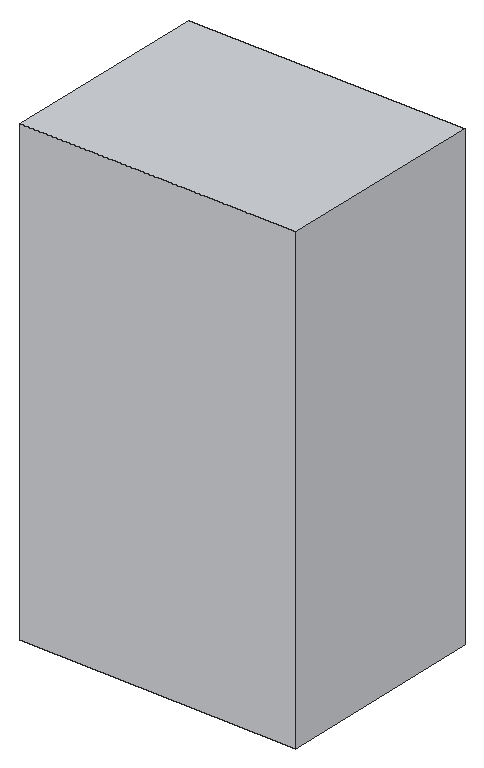
Revit family
Parameters
  Trim Material = Metal - Stainless Steel
  Body Material = Metal - Stainless Steel
  Warranty Duration (Years) = 0
  URL = "http://www.americanspecialties.com/viewCategories.cfm"
  Test Data = ""
  Specification = "http://www.arcat.com/sdspecs/htm/10810asi.htm"
  SpecWizard = ""
  Send Message = "http://www.arcat.com/users.pl?action=UserEmail&company=American%20Specialties,%20Inc.&coid=30448&rep=139&fax=914-476-0688&mf="
  Sales Information = "http://www.americanspecialties.com/contact"
  Revision = "R1_10-2010"
  Product Properties = "http://www.americanspecialties.com/datasheets/0477.pdf"
  Product Data = "http://www.arcat.com/arcatcos/cos30/arc30448.html"
  Model = "As Specified in 10 28 13"
  Manufacturer Website = "http://www.americanspecialties.com/viewCategories.cfm"
  Manufacturer Phone - Toll Free = ""
  Manufacturer Phone = "914-476-9000 "
  Manufacturer Fax = "914-476-0688"
  Manufacturer Address = "441 Saw Mill River Rd., Yonkers, NY 10701"
  Manufacturer = "American Specialties, Inc."
  Maintenance Schedule (Months) = 0
  Keynote = "10 28 13"
  Installation-Fabrication = "http://www.americanspecialties.com/products.cfm"
  Green Building-LEED = ""
  Expected Lifespan (Years) = 0
  Drawn By = "Robert S. Weygant. CSI, CDT, SCIP"  # constant formula
  Description = "Toilet Accessory as Specified in 10 28 13"
  Default Elevation = 4' - 0"
  Copyright = "©Arcat Inc."
  Construction Details = "http://www.arcat.com/green/clients/leed_data_30448.html"
  Building Codes = "http://www.americanspecialties.com/products.cfm"
  Assembly Code = "C1030210"
Reference planes (in)
  plane 1 "Center (Front/Back)": y = -0.29112
  plane 2 "Floor Line": z = 0
  plane 3 "Center (Left/Right)": x = -0.65843
  plane 4: y = 6.08388
  plane 5: x = -9.28343
  plane 6: x = 7.96657
  plane 7: y = -6.66612
  plane 8: z = 0.25
  plane 9: z = -2.375
Forms (in)
  Extrusion 1, solid
    sketch origin (-3.65843, -10.3328, -6) x (0, 0, -1) y (1, 0, 0)
      loop
        line (-82, 26) -> (-82, -19.34712) -> (-6, -19.34712) -> (-6, 26) -> (-82, 26)
    from 9 to -25.60721
  Extrusion 2, solid, material "Metal - Stainless Steel" <- "Body Material"
    sketch origin (0, 0, 0) x (1, 0, 0) y (0, 1, 0)
      loop
        line (-9.28343, 6.08388) -> (-9.28343, -6.66612) -> (7.96657, -6.66612) -> (7.96657, 6.08388) -> (-9.28343, 6.08388)
      loop
        line (-8.28343, 5.08388) -> (-8.28343, -5.66612) -> (6.96657, -5.66612) -> (6.96657, 5.08388) -> (-8.28343, 5.08388)
    from 0 to 0.25
  Extrusion 3, solid, material "Metal - Stainless Steel" <- "Body Material"
    sketch origin (0, 0, 0) x (1, 0, 0) y (0, 1, 0)
      loop
        line (-8.28343, 5.08388) -> (-8.28343, -5.66612) -> (6.96657, -5.66612) -> (6.96657, 5.08388) -> (-8.28343, 5.08388)
      loop
        arc (-6.72093, 2.77138) -> (-6.80932, 2.73477) -> (-6.84593, 2.64638) r 0.125
        line (-6.84593, 2.64638) -> (-6.84593, -0.22862)
        arc (-6.84593, -0.22862) -> (-6.80932, -0.31701) -> (-6.72093, -0.35362) r 0.125
        line (-6.72093, -0.35362) -> (5.40407, -0.35362)
        arc (5.40407, -0.35362) -> (5.49245, -0.31701) -> (5.52907, -0.22862) r 0.125
        line (5.52907, -0.22862) -> (5.52907, 2.64638)
        arc (5.52907, 2.64638) -> (5.49245, 2.73477) -> (5.40407, 2.77138) r 0.125
        line (5.40407, 2.77138) -> (-6.72093, 2.77138)
    from 0 to 0.13557
  Extrusion 4, solid, material "Metal - Stainless Steel" <- "Body Material"
    sketch origin (-0.65843, 10.64158, 0.06022) x (0, 1, 0) y (0, 0, 1)
      loop
        circle (-5.63749, 0.18978) r 0.07978
    from -7.625 to 7.625
  Extrusion 5, solid, material "Metal - Stainless Steel" <- "Trim Material"
    sketch origin (0, 0, 0) x (1, 0, 0) y (0, 1, 0)
      loop
        circle (-0.65843, -4.76288) r 0.25
      loop
        line (-0.68945, -4.56549) -> (-0.68945, -4.95912) -> (-0.63536, -4.95912) -> (-0.63536, -4.56549) -> (-0.68945, -4.56549)
    from 0.13557 to 0.20668
  Extrusion 6, solid, material "Metal - Stainless Steel" <- "Body Material"
    sketch origin (0, 0, 0) x (1, 0, 0) y (0, 1, 0)
      loop
        line (-8.28343, -5.66612) -> (6.96657, -5.66612) -> (6.96657, 5.08388) -> (-8.28343, 5.08388) -> (-8.28343, -5.66612)
      loop
        line (-8.22093, 5.02138) -> (-8.22093, -5.60362) -> (6.90407, -5.60362) -> (6.90407, 5.02138) -> (-8.22093, 5.02138)
    from -2.375 to 0
  Extrusion 7, void
    sketch origin (0, 0, 0) x (1, 0, 0) y (0, 1, 0)
      loop
        line (-8.53343, 5.33388) -> (-8.53343, -5.91612) -> (7.21657, -5.91612) -> (7.21657, 5.33388) -> (-8.53343, 5.33388)
    from -2.375 to 0
  Extrusion 8, solid, material "Metal - Stainless Steel" <- "Body Material"
    sketch origin (0, 0, 0) x (1, 0, 0) y (0, 1, 0)
      loop
        line (-8.28343, -5.66612) -> (6.96657, -5.66612) -> (6.96657, 5.08388) -> (-8.28343, 5.08388) -> (-8.28343, -5.66612)
    from -2.375 to -2.28942
Cuts and joins
  Extrusion 7 cuts Extrusion 2
  Extrusion 7 cuts Extrusion 3
  joined: Extrusion 6, Extrusion 8
Dimensions and locks (in)
  aligned and locked: plane 5 to Extrusion 2 sketch curve
  aligned and locked: plane 4 to Extrusion 2 sketch curve
  aligned and locked: plane 7 to Extrusion 2 sketch curve
  aligned and locked: plane 6 to Extrusion 2 sketch curve
  aligned and locked: Extrusion 2 to level
  aligned and locked: plane 8 to Extrusion 2
  aligned and locked: Extrusion 4 to Extrusion 2  (x2)
  aligned and locked: level to Extrusion 6
  aligned and locked: Extrusion 6 to plane 9
  aligned and locked: Extrusion 8 to Extrusion 6
  aligned and locked: level to Extrusion 7
